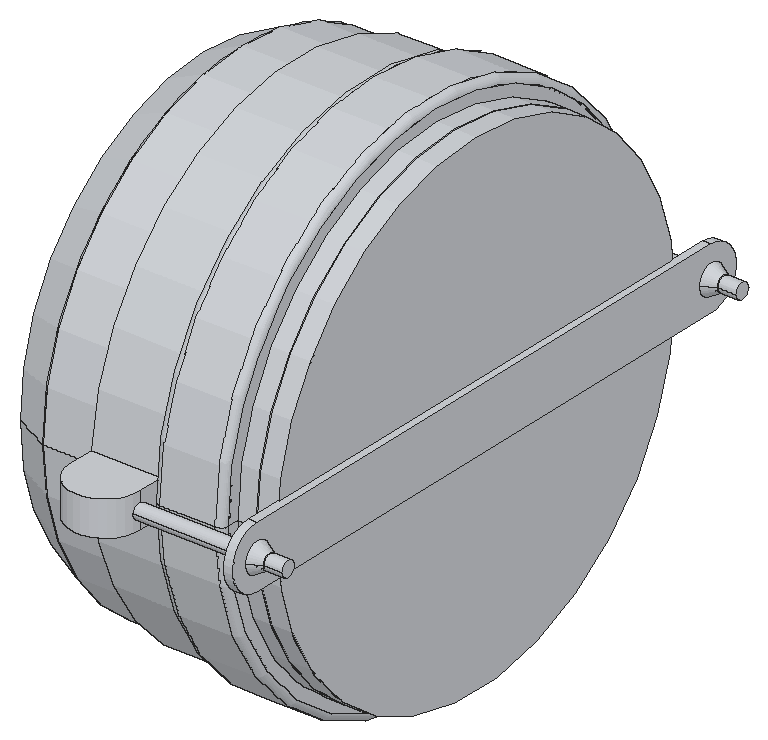
Revit family "RAUPIANO PLUS Securing Clip", category Pipe Fittings, Revit 2012
Parameters (values of type "Standard")
  tmin [instance] = size_lookup("RAUPIANO Pipe.csv", "tmin", 0 mm, Nominal Diameter)  # 55.6 mm
  re [instance] = de / 2  # 55 mm
  de [instance] = size_lookup("RAUPIANO Pipe.csv", "de", 0 mm, Nominal Diameter)  # 110 mm
  Type Comments = "Galvanized steel; wingnut screw; Silver"  # constant formula
  T3 = "DN 200"
  T2 = "DN 160"
  T1 = "DN 110"
  Spec Text [instance] = if(D = 110 mm, T1, if(D = 160 mm, T2, if(D = 200 mm, T3, Fail)))  # "DN 110"
  Rad CP [instance] = 0.08 * Nominal Radius + 3 mm  # 7.4 mm
  Materialcode SAP [instance] = if(D = 110 mm, M1, if(D = 160 mm, M2, if(D = 200 mm, M3, Fail)))  # "11230001001"
  Manufacturer = "REHAU"  # constant formula
  M3 = "11230061001"
  M2 = "11230021001"
  M1 = "11230001001"
  Lock Width [instance] = Dmax / 2 + 8 mm  # 72 mm
  L [instance] = size_lookup("RAUPIANO Securing Clip.csv", "Lgt", 0 mm, Nominal Diameter)  # 37 mm
  Fail = "No article found"
  Description = "REHAU RAUPIANO PLUS securing clip"  # constant formula
  D [instance] = Nominal Diameter  # 110 mm
  Cap Length [instance] = 5 mm  # constant formula
  Belt thickness [instance] = ((Dmax / 2) - Sleeve Radius)  # 4.5 mm
  bmin [instance] = size_lookup("RAUPIANO Pipe.csv", "bmin", 0 mm, Nominal Diameter)  # 4.5 mm
  Sleeve Radius [instance] = (Dmax + de) / 4  # 59.5 mm
  Sleeve Length [instance] = tmin + bmin  # 60.1 mm
  Nominal Radius [instance] = 55 mm
  Nominal Diameter [instance] = Nominal Radius * 2  # 110 mm
  Loss Method = Not Defined
  built-in parameter 1114236 = (empty or 0)
  K Coefficient Table = (empty or 0)
  Dmax [instance] = size_lookup("RAUPIANO Pipe.csv", "Dmax", 0 mm, Nominal Diameter)  # 128 mm
  Belt Radius [instance] = ((Dmax / 2) - Sleeve Radius) / 2.5  # 1.8 mm
  Belt Length [instance] = 3 / 10 * tmin  # 16.68 mm
  BL2 [instance] = Belt Length / 2  # 8.34 mm
  Article No [instance] = if(D = 110 mm, A1, if(D = 160 mm, A2, if(D = 200 mm, A3, Fail)))  # "123000-001"
  A3 = "123006-001"
  A2 = "123002-001"
  A1 = "123000-001"
  2 BR [instance] = Belt Radius * 2  # 3.6 mm
Reference planes
  plane 1 "Center (Front/Back)": y = 0
  plane 2: z = 0
  plane 3 "Center (Left/Right)": x = 0
  plane 4: x = -5
  plane 5: y = 66.012
  plane 6: x = -56.1
  plane 7: x = -60.6
  plane 8: x = -65.1
  plane 9: x = -9.5
  plane 10: x = -26.18
  plane 11: x = -37
  plane 12: z = 7.4
  plane 13: z = -7.4
  plane 14: y = 72
  plane 15: y = -72
  plane 16: y = 64
  plane 17: y = -64
  plane 18: x = 2
  plane 19: y = -68
  plane 20: y = 68
  plane 21: x = 5
  plane 22: x = -42.86
  plane 23: x = -34.52
  plane 24: y = -59.5
  plane 25: y = 59.5
  plane 26: z = 4.17
  plane 27: z = -4.17
  plane 28: x = 9.5
Forms (mm)
  Sweep 1, solid, detail levels fine
    path in 3D
      loop
        line (-56.1, 0, 0) -> (-5, 0, 0)
    profile origin (-30.55, 0, 0) x (0, 1, 0) y (0, 0, 1)
      loop
        circle (0, 0) r 59.5
  SweptBlend 2, solid, detail levels fine
    path in 3D
      loop
        line (-56.1, 0, 0) -> (-65.1, 0, 0)
    profile origin (-56.1, 0, 0) x (0, -1, 0) y (0, 0, 1)
      loop
        circle (0, 0) r 59.5
    end profile origin (-65.1, 0, 0) x (0, -1, 0) y (0, 0, 1)
      loop
        circle (0, 0) r 55
  Revolve 3, solid, detail levels fine
    sketch origin (0, 0, 0) x (1, 0, 0) y (0, 1, 0)
      loop
        line (-26.18, -59.5) -> (-26.18, -62.2)
        arc (-26.18, -62.2) -> (-25.653, -63.473) -> (-24.38, -64) r 1.8
        line (-24.38, -64) -> (-11.3, -64)
        arc (-11.3, -64) -> (-10.027, -63.473) -> (-9.5, -62.2) r 1.8
        line (-9.5, -62.2) -> (-9.5, -59.5) -> (-26.18, -59.5)
      axis (-9.5, 0) -> (-26.18, 0)
    angle from 0 to 360
  Extrusion 4, solid, detail levels fine
    sketch origin (-5, 1524, 1219.2) x (0, 1, 0) y (0, 0, 1)
      loop
        circle (-1524, -1219.2) r 59.5
    from 0 to 5
  Extrusion 5, solid, detail levels fine
    sketch origin (0, 0, 0) x (0, 1, 0) y (0, 0, 1)
      loop
        line (68, 7.4) -> (-68, 7.4)
        arc (-68, 7.4) -> (-75.4, 0) -> (-68, -7.4) r 7.4
        line (-68, -7.4) -> (68, -7.4)
        arc (68, -7.4) -> (75.4, 0) -> (68, 7.4) r 7.4
    from 0 to 2
  Blend 6, solid, detail levels fine
    base sketch origin (2, 278.255, 1219.2) x (0, 1, 0) y (0, 0, 1)
      loop
        circle (-346.255, -1219.2) r 3.6
    top sketch origin (2, 278.255, 1219.2) x (0, 1, 0) y (0, 0, 1)
      loop
        circle (-346.255, -1219.2) r 1.8
    from 0 to 3
  Blend 7, solid, detail levels fine
    base sketch origin (2, 278.255, 1219.2) x (0, 1, 0) y (0, 0, 1)
      loop
        circle (-210.255, -1219.2) r 3.6
    top sketch origin (2, 278.255, 1219.2) x (0, 1, 0) y (0, 0, 1)
      loop
        circle (-210.255, -1219.2) r 1.8
    from 0 to 3
  Revolve 8, solid, detail levels fine
    sketch origin (0, 0, 0) x (1, 0, 0) y (0, 1, 0)
      loop
        line (-42.86, -59.5) -> (-42.86, -61.5) -> (-26.18, -61.5) -> (-26.18, -59.5) -> (-42.86, -59.5)
      axis (-26.18, 0) -> (-42.86, 0)
    angle from 0 to 360
  Extrusion 9, solid, detail levels fine
    sketch origin (0, 0, 0) x (1, 0, 0) y (0, 1, 0)
      loop
        line (-42.86, 67.84) -> (-42.86, -67.84)
        arc (-42.86, -67.84) -> (-34.52, -76.18) -> (-26.18, -67.84) r 8.34
        line (-26.18, -67.84) -> (-26.18, 67.84)
        arc (-26.18, 67.84) -> (-34.52, 76.18) -> (-42.86, 67.84) r 8.34
    from -4.17 to 4.17
  Extrusion 10, solid, detail levels fine
    sketch origin (2, 278.255, 1219.2) x (0, 1, 0) y (0, 0, 1)
      loop
        circle (-346.255, -1219.2) r 1.8
      loop
        circle (-210.255, -1219.2) r 1.8
    from -36.52 to 7.5
Cuts and joins
  joined: Revolve 8, Extrusion 9, Extrusion 10
Lines and regions (mm)
  reference lines
    curve 1: line (-56.1, 0, 0) -> (-5, 0, 0)
    curve 3: line (-56.1, 0, 0) -> (-65.1, 0, 0)
  sketch lines
    curve 2: line (-56.1, 0, 0) -> (-5, 0, 0)
    curve 4: line (-56.1, 0, 0) -> (-65.1, 0, 0)
  model lines, style "PipeFitting", detail levels coarse+medium
    curve 5: line (0, 0, 0) -> (-65.1, 0, 0)
  model lines, detail levels coarse+medium
    curve 6: line (0, 55, 0) -> (0, 0, 0)
    curve 7: line (0, 0, 0) -> (0, -55, 0)
    curve 11: line (0, 55, 0) -> (-9.5, 55, 0)
    curve 12: line (0, -55, 0) -> (-9.5, -55, 0)
  model lines, style "Symbol", detail levels coarse+medium
    curve 8: line (0, 0, 55) -> (0, 0, -55)
    curve 9: line (0, 0, 55) -> (-9.5, 0, 55)
    curve 10: line (0, 0, -55) -> (-9.5, 0, -55)
Dimensions and locks
  "Cap Length": plane 4 to plane 3 "Center (Left/Right)"
  "tmin": plane 7 to plane 4
  equal spacing: plane 8, plane 7, plane 6
  "bmin": plane 7 to plane 6
  "Belt thickness": plane 9 to plane 4
  "Belt Length": plane 10 to plane 9
  "Belt thickness": Revolve 3 sketch curve to Revolve 3 sketch curve
  "Sleeve Radius": Revolve 3 sketch curve to plane 1 "Center (Front/Back)"
  "L": plane 11 to plane 3 "Center (Left/Right)"
  "Nominal Radius": plane 1 "Center (Front/Back)" to curve 6
  "Nominal Radius": curve 7 to plane 1 "Center (Front/Back)"
  equal spacing: plane 12, plane 2, plane 13
  "Rad CP": plane 12 to level
  equal spacing: plane 14, plane 1 "Center (Front/Back)", plane 15
  plane 14 to plane 16 = 8 mm
  locked: plane 17 to plane 15 at 8
  "Dmax": plane 16 to plane 17
  plane 3 "Center (Left/Right)" to plane 18 = 2 mm
  equal spacing: plane 15, plane 19, plane 17
  equal spacing: plane 16, plane 20, plane 14
  locked: plane 18 to plane 21 at 3
  "Belt Length": plane 22 to plane 10
  Revolve 8 sketch curve to Revolve 8 sketch curve = 2 mm
  "Sleeve Radius": Revolve 8 sketch curve to Revolve 8 sketch curve
  equal spacing: plane 22, plane 23, plane 10
  equal spacing: plane 24, plane 1 "Center (Front/Back)", plane 25
  "Sleeve Radius": plane 1 "Center (Front/Back)" to plane 25
  "BL2": plane 25 to Extrusion 9 sketch curve
  "BL2": plane 24 to Extrusion 9 sketch curve
  equal spacing: plane 26, level, plane 27
  "BL2": plane 26 to plane 27
  "bmin": plane 21 to plane 28
  equal spacing: curve 8, level, curve 8
  "Nominal Radius": curve 8 to level
  "Sleeve Radius": radius of Sweep 1 sketch curve
  "Sleeve Radius": radius of SweptBlend 2 sketch curve
  "re": radius of SweptBlend 2 sketch curve
  "Belt Radius": radius of Revolve 3 sketch curve  (x2)
  "Sleeve Radius": radius of Extrusion 4 sketch curve
  "2 BR": radius of Blend 7 sketch curve
  "Belt Radius": radius of Extrusion 10 sketch curve  (x2)
  "2 BR": radius of Blend 6 sketch curve
  "Belt Radius": radius of Blend 6 sketch curve
  "Belt Radius": radius of Blend 7 sketch curve
  aligned and locked: plane 1 "Center (Front/Back)" to curve 1
  aligned and locked: plane 6 to curve 3
  aligned and locked: plane 8 to curve 3
  aligned and locked: Revolve 3 sketch curve to plane 9
  aligned and locked: Revolve 3 sketch curve to plane 10
  aligned and locked: Revolve 3 sketch curve to Revolve 3 sketch curve
  aligned and locked: plane 3 "Center (Left/Right)" to Extrusion 4
  aligned and locked: Extrusion 4 to plane 4
  aligned and locked: plane 3 "Center (Left/Right)" to curve 5
  aligned and locked: curve 6 to plane 3 "Center (Left/Right)"
  aligned and locked: plane 1 "Center (Front/Back)" to curve 7
  aligned and locked: plane 12 to Extrusion 5 sketch curve
  aligned and locked: plane 18 to Extrusion 5
  aligned and locked: Extrusion 5 to plane 3 "Center (Left/Right)"
  aligned and locked: plane 21 to Blend 6
  aligned and locked: Blend 6 to Extrusion 5
  aligned and locked: Blend 7 to Extrusion 5
  aligned and locked: plane 21 to Blend 7
  aligned and locked: plane 22 to Revolve 8 sketch curve
  aligned and locked: Revolve 8 sketch curve to plane 10
  aligned and locked: Revolve 8 sketch curve to plane 1 "Center (Front/Back)"
  aligned and locked: plane 10 to Extrusion 9 sketch curve  (x2)
  aligned and locked: Extrusion 9 sketch curve to plane 22
  aligned and locked: plane 22 to Extrusion 9 sketch curve
  aligned and locked: plane 26 to Extrusion 9
  aligned and locked: plane 27 to Extrusion 9
  aligned and locked: Extrusion 10 to plane 23
  aligned and locked: plane 28 to Extrusion 10
  aligned and locked: plane 19 to Extrusion 5 sketch curve  (x2)
  aligned and locked: Extrusion 5 sketch curve to plane 13
  aligned and locked: curve 8 to plane 3 "Center (Left/Right)"
  aligned and locked: plane 9 to curve 9
  aligned and locked: plane 9 to curve 10
Automatic sketch dimensions
  Sweep 1 sketch curve to profile plane = 0 mm  (x2)
  SweptBlend 2 sketch curve to profile plane = 0 mm  (x4)
  Revolve 3 sketch curve to plane 1 "Center (Front/Back)" = 0 mm
  Revolve 3 sketch curve to plane 8 = 1428.071 mm
  plane 3 "Center (Left/Right)" to Revolve 3 sketch curve = 1524 mm
  curve 1 to plane 4 = 0 mm
  Extrusion 4 sketch curve to level = 0 mm
  Extrusion 4 sketch curve to plane 1 "Center (Front/Back)" = 0 mm
  Blend 6 sketch curve to level = 0 mm  (x2)
  Blend 6 sketch curve to plane 19 = 0 mm  (x2)
  Blend 7 sketch curve to level = 0 mm  (x2)
  Blend 7 sketch curve to plane 20 = 0 mm  (x2)
  Revolve 8 sketch curve to plane 8 = 1454.4 mm
  plane 21 to Revolve 8 sketch curve = 1519 mm
  Extrusion 10 sketch curve to level = 0 mm  (x2)
  Extrusion 10 sketch curve to plane 19 = 0 mm
  Extrusion 10 sketch curve to plane 20 = 0 mm
  Extrusion 5 sketch curve to plane 20 = 0 mm
  curve 5 to plane 8 = 0 mm
  curve 11 to plane 9 = 0 mm
  curve 12 to plane 9 = 0 mm
Connectors
  piping at (-65.1, 0, 0), driven by "Nominal Radius"
    settings: on SweptBlend 2, index 1, connector radius 55 mm, flow factor 0, pipe flow 0.0 L/s, pressure drop 0.0 Pa, fitting loss kfactor 0, connector angle 0.00°, fixture units 0, engagement length 0 mm, flow configuration 0, flow direction 0, fitting loss method 0, system type 28, joint type 0, gender type 0, connector reference index -1, connector utility 0, adjustable connector no, is connector primary yes, fitting loss table "", connector description ""
